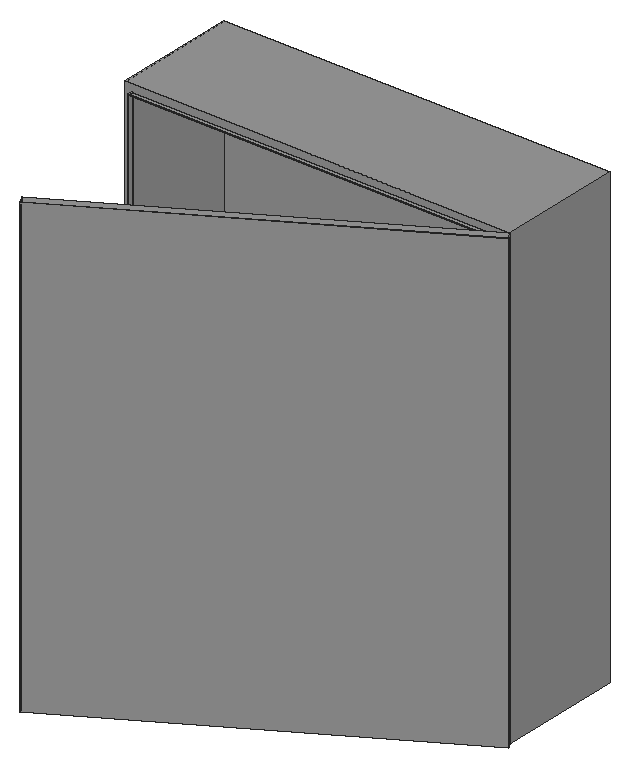
Revit family "Hager-Univers-IP55-D275-H950-Cl.II-Steel_encl-NoHosted-PL-en", category Equipement électrique, Revit 2020
Family settings
  Configuration du panneau = Deux colonnes, circuits au sein
  Cote de connecteur circulaire = Utiliser le diamètre
  Type d'élément = Tableau de raccordement
  Basée sur le plan de construction = Oui
  Toujours verticalement = Oui
  Couper avec des vides une fois chargée = Non
  Partagée = Non
  Point de calcul de pièce = Non
Parameters (values of type "Surface mounted (plaster) IP55 W800 H950 D275  - FR63S")
  Width Control [instance] = if([EF000008 - Width] > Min Width, [EF000008 - Width], Min Width)  # 800 mm
  Commentaires du type = [HG000003 - Range]  # "Univers"
  Thickness Door [instance] = if([EF009171 - Material plate thickness door/cover] > 3 mm, 3 mm, [EF009171 - Material plate thickness door/cover])  # 1.5 mm
  Seal Frame Offset [instance] = 17 mm  # constant formula
  Plinth Visibility [instance] = [HG000027 - Plinth height] > 0 mm  # no
  Min Width [instance] = 100 mm  # constant formula
  Min Depth [instance] = (2 * [EF009170 - Material plate thickness cabinet]) + 1 mm  # 4 mm
  Min Height [instance] = 100 mm  # constant formula
  Internal Frame Depth [instance] = (Door System Depth * 0.5)  # 9 mm
  Panel Name [instance] = ""  # (empty or 0)
  Model = ""
  HG000027 - Plinth height = 0 mm
  HG000026 - Floor standing = no
  HG000024 - Bottom section height = 600 mm
  HG000023 - Double section enclosure = no
  HG000016 - Door 3d visibility [instance] = yes
  HG000015 - Clearance visibility [instance] = no
  HG000014 - Door on the right [instance] = yes
  HG000013 - Door on the left [instance] = not([HG000014 - Door on the right])  # no
  HG000012 - Door swing angle [instance] = 30.00°
  HG000010 - Asymmetric doors = no
  HG000009 - Double swing door = no
  HG000006 - Flush mounted = no
  HG000004 - Manufacturer reference = "FR63S"
  HG000003 - Range = "Univers"
  HG000002 - With door or cover = yes
  Frame Offset Bottom [instance] = 10 mm  # constant formula
  Frame Offset [instance] = 15 mm  # constant formula
  EF015940 - Cover with overpressure release = no
  EF011959 - Degree of protection (NEMA) = ""
  EF009554 - Number of openings for flange plates = 6
  EF009212 - Cover model = "EV000116 - Closed"
  EF009171 - Material plate thickness door/cover = 1.5 mm
  EF009170 - Material plate thickness cabinet = 1.5 mm
  EF008873 - Nominal current (In) = 800 A
  EF007800 - Suitable for lightning protection = no
  EF006306 - With lock = no
  EF006244 - Transparent cover/door = no
  EF005474 - Degree of protection (IP) = "EV006420 - IP55"
  EF004464 - Type of door = "EV002646 - Single"
  EF004427 - Number of modules = 216
  EF004293 - Impact strength = "EV008784 - IK10"
  EF003532 - Suitable for outdoor use = no
  EF002950 - Width in number of modular spacings = 24
  EF001613 - Circuit integrity = "EV000494 - None"
  EF001596 - Material housing = "EV000179 - Steel"
  EF001131 - Internal depth = 275 mm
  EF001088 - Extension possible = yes
  EF000437 - Number of conduit inlets = 6
  EF000339 - Type of cover = "EV004216 - Door"
  EF000266 - Number of rows = 6
  EF000218 - Built-in depth = 0 mm
  EF000118 - With mounting plate = no
  EF000116 - RAL-number = "7035"
  EF000049 - Depth = 275 mm
  EF000040 - Height = 950 mm
  EF000008 - Width = 800 mm
  EF000007 - Colour = "EV000270 - Grey"
  EF000003 - Mounting method = "EV000384 - Surface mounted (plaster)"
  Door System Leaf Tolerance [instance] = 1.5 mm  # constant formula
  Door System Depth [instance] = 18 mm  # constant formula
  Door Height [instance] = Height Control - [HG000027 - Plinth height]  # 950 mm
  Description = ""
  Default Elevation = 1219.2 mm
  Connector Offset [instance] = Height Control / 2  # 475 mm
  Fabricant = "Hager"  # constant formula
  Height Control [instance] = if([EF000040 - Height] > Min Height, [EF000040 - Height], Min Height)  # 950 mm
  Depth Control [instance] = if([EF000049 - Depth] > Min Depth, [EF000049 - Depth], Min Depth)  # 275 mm
  Bottom Top Plate Trim [instance] = 1.5 mm  # constant formula
  Plinth height Ctrl [instance] = if([HG000027 - Plinth height] > 0 mm, [HG000027 - Plinth height], 12 mm)  # 12 mm
Types (5, lengths in mm): name | Width Control | HG000010 - Asymmetric doors | HG000009 - Double swing door | HG000004 - Manufacturer reference | EF009554 - Number of openings for flange plates | EF004464 - Type of door | EF004427 - Number of modules | EF000437 - Number of conduit inlets | EF000008 - Width
  Surface mounted (plaster) IP55 W1050 H950 D275  - FR64S | 1050 | no | yes | "FR64S" | 8 | "EV003602 - Double" | 288 | 8 | 1050
  Surface mounted (plaster) IP55 W1300 H950 D275  - FR65S | 1300 | yes | yes | "FR65S" | 10 | "EV003602 - Double" | 360 | 10 | 1300
  Surface mounted (plaster) IP55 W300 H950 D275  - FR61S | 300 | no | no | "FR61S" | 2 | "EV002646 - Single" | 72 | 2 | 300
  Surface mounted (plaster) IP55 W550 H950 D275  - FR62S | 550 | no | no | "FR62S" | 4 | "EV002646 - Single" | 144 | 4 | 550
  Surface mounted (plaster) IP55 W800 H950 D275  - FR63S | 800 | no | no | "FR63S" | 6 | "EV002646 - Single" | 216 | 6 | 800
Reference planes
  plane 1 "Center (Front/Back)": y = 0
  plane 2: z = 0
  plane 3 "Center (Left/Right)": x = 0
  plane 4: y = 0
  plane 5: y = 0
  plane 6: z = 0
  plane 7: x = -400
  plane 8: x = 400
  plane 9: x = 398.5
  plane 10: x = -398.5
  plane 11: z = 0
  plane 12: z = 1.5
  plane 13: y = -275
  plane 14: y = -1.5
  plane 15: x = 0
  plane 16: y = -257
  plane 17: y = -273.5
  plane 18: y = -255.5
  plane 19: x = -383.5
  plane 20: x = 383.5
  plane 21: z = 11.5
  plane 22: x = -383
  plane 23: x = 383
  plane 24: z = 0
  plane 25: z = 950
  plane 26: z = 950
  plane 27: z = 933.5
  plane 28: z = 948.5
Forms (mm)
  Extrusion 1, solid, material "Hager_Steel_RAL7035_Light_Grey", detail levels medium+fine
    sketch origin (-208.679, -4572, 0) x (-1, 0, 0) y (0, -1, 0)
      loop
        line (191.321, -4315) -> (-608.679, -4315) -> (-608.679, -4572) -> (191.321, -4572) -> (191.321, -4315)
    from 0 to 950
  Extrusion 2, void
    sketch origin (-350.771, -275, 1219.2) x (1, 0, 0) y (0, 0, 1)
      loop
        line (-47.729, -270.7) -> (-47.729, -1217.7) -> (749.271, -1217.7) -> (749.271, -270.7) -> (-47.729, -270.7)
    from -19.5 to -273.5
  Extrusion 3, void
    sketch origin (-290.084, -257, 1219.2) x (1, 0, 0) y (0, 0, 1)
      loop
        line (-93.416, -1207.7) -> (673.584, -1207.7) -> (673.584, -285.7) -> (-93.416, -285.7) -> (-93.416, -1207.7)
    from 0 to -1.5
  Extrusion 4, solid, material "Hager_Steel_RAL7035_Light_Grey", visible <- "Plinth Visibility", detail levels medium+fine
    sketch origin (0, 0, 0) x (1, 0, 0) y (0, 1, 0)
      loop
        line (-400, 0) -> (-400, -257) -> (400, -257) -> (400, 0) -> (-400, 0)
    from 0 to 12 <- "Plinth height Ctrl"
  Extrusion 5, solid, material "Hager_Steel_RAL7035_Light_Grey", detail levels coarse
    sketch origin (0, 0, 0) x (1, 0, 0) y (0, 1, 0)
      loop
        line (-400, 0) -> (-400, -275) -> (400, -275) -> (400, 0) -> (-400, 0)
    from 0 to 950 <- "Height Control"
  Sweep 6, void
    path in 3D
      loop
        line (-400, -257, 12) -> (400, -257, 12) -> (400, 0, 12) -> (-400, 0, 12) -> (-400, -257, 12)
    profile origin (-400, -128.5, 12) x (1, 0, 0) y (0, 0, 1)
      loop
        line (0, 0) -> (0, -1.5) -> (1.5, -1.5)
        arc (1.5, -1.5) -> (1.061, -0.439) -> (0, 0) r 1.5
  Extrusion 7, solid, material "Hager_Steel_RAL7035_Light_Grey", detail levels fine
    sketch origin (-400, -257, 0) x (1, 0, 0) y (0, 0, 1)
      loop
        line (16.5, 11.5) -> (783.5, 11.5) -> (783.5, 933.5) -> (16.5, 933.5) -> (16.5, 11.5)
      loop
        line (15, 10) -> (785, 10) -> (785, 935) -> (15, 935) -> (15, 10)
    from 0 to 9 <- "Internal Frame Depth"
Cuts and joins
  Extrusion 2, Extrusion 3 cuts Extrusion 1
  Sweep 6 cuts Extrusion 4
Lines and regions (mm)
  Masking region 1
    outline origin (0, 0, 0) x (1, 0, 0) y (0, 1, 0)
      loop
        line (-400, 0) -> (-400, -275) -> (400, -275) -> (400, 0) -> (-400, 0)
  Masking region 2, detail levels coarse
    outline origin (-290.084, -257, 1219.2) x (-1, 0, 0) y (0, 0, 1)
      loop
        line (-690.084, -1219.2) -> (109.916, -1219.2) -> (109.916, -269.2) -> (-690.084, -269.2) -> (-690.084, -1219.2)
  Masking region 3, detail levels coarse
    outline origin (0, 0, 0) x (0, 1, 0) y (0, 0, 1)
      loop
        line (0, 0) -> (0, 950) -> (-275, 950) -> (-275, 0) -> (0, 0)
  Masking region 4, visible <- "Plinth Visibility", detail levels medium+fine
    outline origin (0, 0, 0) x (0, 1, 0) y (0, 0, 1)
      loop
        line (-1.5, 12) -> (-255.5, 12)
        arc (-255.5, 12) -> (-255.939, 10.939) -> (-257, 10.5) r 1.5
        line (-257, 10.5) -> (-257, 0) -> (0, 0) -> (0, 10.5)
        arc (0, 10.5) -> (-1.061, 10.939) -> (-1.5, 12) r 1.5
  Masking region 5, detail levels medium+fine
    outline origin (0, 0, 594.038) x (0, 1, 0) y (0, 0, 1)
      loop
        line (0, -594.038) -> (0, 355.962) -> (-257, 355.962) -> (-257, -594.038) -> (0, -594.038)
  Masking region 6, detail levels medium+fine
    outline origin (-359.7, -257, 1211.883) x (-1, 0, 0) y (0, 0, 1)
      loop
        line (-759.7, -1211.883) -> (40.3, -1211.883) -> (40.3, -261.883) -> (-759.7, -261.883) -> (-759.7, -1211.883)
  Masking region 7, visible <- "Plinth Visibility", detail levels medium+fine
    outline origin (-320.334, -257, 1041.368) x (-1, 0, 0) y (0, 0, 1)
      loop
        line (-720.334, -1041.368) -> (79.666, -1041.368) -> (79.666, -1030.868)
        arc (79.666, -1030.868) -> (78.606, -1030.429) -> (78.166, -1029.368) r 1.5
        line (78.166, -1029.368) -> (-718.834, -1029.368)
        arc (-718.834, -1029.368) -> (-719.273, -1030.429) -> (-720.334, -1030.868) r 1.5
        line (-720.334, -1030.868) -> (-720.334, -1041.368)
  sketch lines
    curve 1: line (-400, 0, 12) -> (-400, -257, 12)
    curve 2: line (-400, -257, 12) -> (400, -257, 12)
    curve 3: line (400, 0, 12) -> (-400, 0, 12)
    curve 4: line (400, -257, 12) -> (400, 0, 12)
Dimensions and locks
  locked: plane 1 "Center (Front/Back)" to plane 5
  "EF009170 - Material plate thickness cabinet": plane 7 to plane 10
  "EF009170 - Material plate thickness cabinet": plane 8 to plane 9
  equal spacing: plane 7, plane 3 "Center (Left/Right)", plane 8
  "Width Control": plane 7 to plane 8
  "Depth Control": plane 4 to plane 13
  "EF009170 - Material plate thickness cabinet": plane 4 to plane 14
  "Height Control": plane 25 to level
  "HG000027 - Plinth height": plane 11 to level
  "EF009170 - Material plate thickness cabinet": plane 12 to plane 11
  "EF009170 - Material plate thickness cabinet": plane 17 to plane 13
  "EF009170 - Material plate thickness cabinet": plane 18 to plane 16
  "Frame Offset Bottom": plane 21 to plane 12
  "Frame Offset": plane 10 to plane 19
  "Frame Offset": plane 9 to plane 20
  "Door System Depth": plane 16 to plane 13
  "Seal Frame Offset": plane 7 to plane 22
  "Seal Frame Offset": plane 8 to plane 23
  "EF009170 - Material plate thickness cabinet": plane 26 to plane 28
  "Frame Offset": plane 28 to plane 27
  "Connector Offset": plane 2 to connector elem
  "Bottom Top Plate Trim": profile plane to Sweep 6 sketch curve
  "Bottom Top Plate Trim": Sweep 6 sketch curve to Sweep 6 sketch curve
  "Plinth height Ctrl": Masking region 4 sketch curve to level
  "Plinth height Ctrl": Masking region 7 sketch curve to level
  "Thickness Door": Extrusion 7 sketch curve to Extrusion 7 sketch curve  (x4)
  "Bottom Top Plate Trim": radius of Sweep 6 sketch curve
  "Bottom Top Plate Trim": radius of Masking region 4 sketch curve  (x2)
  "Bottom Top Plate Trim": radius of Masking region 7 sketch curve  (x2)
  aligned and locked: Extrusion 2 sketch curve to plane 12
  aligned and locked: Extrusion 2 sketch curve to plane 9
  aligned and locked: Extrusion 2 sketch curve to plane 10
  aligned and locked: Extrusion 2 to plane 14
  aligned and locked: Extrusion 1 sketch curve to plane 4
  aligned and locked: plane 8 to Extrusion 1 sketch curve
  aligned and locked: plane 7 to Extrusion 1 sketch curve
  aligned and locked: Extrusion 2 to plane 18
  aligned and locked: Extrusion 3 sketch curve to plane 19
  aligned and locked: plane 20 to Extrusion 3 sketch curve
  aligned and locked: Extrusion 3 to Extrusion 2
  aligned and locked: Extrusion 3 sketch curve to plane 21
  aligned and locked: plane 3 "Center (Left/Right)" to nested 1
  aligned and locked: Extrusion 1 sketch curve to plane 16
  aligned and locked: Extrusion 4 sketch curve to cut or joined group of Extrusion 1, Extrusion 2, Extrusion 3
  aligned and locked: Masking region 1 sketch curve to plane 7
  aligned and locked: Masking region 1 sketch curve to plane 5
  aligned and locked: Masking region 1 sketch curve to plane 8
  aligned and locked: Masking region 2 sketch curve to level
  aligned and locked: level to Masking region 3 sketch curve
  aligned and locked: plane 1 "Center (Front/Back)" to Masking region 3 sketch curve
  aligned and locked: plane 13 to Masking region 3 sketch curve
  aligned and locked: plane 5 to Masking region 4 sketch curve
  aligned and locked: Masking region 2 sketch curve to plane 8
  aligned and locked: Masking region 2 sketch curve to plane 7
  aligned and locked: plane 7 to nested 2
  aligned and locked: nested 2 to plane 5
  aligned and locked: plane 5 to Masking region 5 sketch curve
  aligned and locked: plane 26 to Masking region 5 sketch curve
  aligned and locked: Extrusion 5 sketch curve to plane 8
  aligned and locked: Extrusion 5 sketch curve to plane 7
  aligned and locked: Extrusion 5 sketch curve to plane 5
  aligned and locked: Extrusion 3 sketch curve to plane 27
  aligned and locked: Extrusion 2 sketch curve to plane 28
  aligned and locked: Masking region 2 to plane 25
  aligned and locked: Extrusion 4 to plane 16
  aligned and locked: profile plane to Sweep 6 sketch curve
  aligned and locked: Masking region 5 sketch curve to plane 24
  aligned and locked: level to Masking region 4 sketch curve
  aligned and locked: Masking region 1 to plane 13
  aligned and locked: nested 1 to plane 16
  aligned and locked: Masking region 3 to plane 25
  aligned and locked: plane 16 to Masking region 4 sketch curve
  aligned and locked: Masking region 5 sketch curve to plane 16
  aligned and locked: plane 24 to plane 11
  aligned and locked: plane 26 to plane 25
  aligned and locked: plane 26 to cut or joined group of Extrusion 1, Extrusion 2, Extrusion 3
  aligned and locked: nested 1 to plane 24
  aligned and locked: Extrusion 1 to Extrusion 3
  aligned and locked: Masking region 6 sketch curve to plane 8
  aligned and locked: Masking region 6 sketch curve to plane 24
  aligned and locked: Masking region 6 sketch curve to plane 7
  aligned and locked: Masking region 6 sketch curve to plane 26
  aligned and locked: Masking region 7 sketch curve to plane 7
  aligned and locked: level to Masking region 7 sketch curve
  aligned and locked: Masking region 7 sketch curve to plane 8
  aligned and locked: Extrusion 7 sketch curve to cut or joined group of Extrusion 1, Extrusion 2, Extrusion 3  (x4)
Automatic sketch dimensions
  plane 19 to Extrusion 3 sketch curve = 0 mm
  Extrusion 3 sketch curve to plane 20 = 0 mm
  Extrusion 3 sketch curve to plane 21 = 0 mm
  Extrusion 4 sketch curve to plane 7 = 0 mm
  Extrusion 4 sketch curve to plane 8 = 0 mm
  Extrusion 4 sketch curve to plane 16 = 0 mm
  Masking region 1 sketch curve to plane 13 = 0 mm
  Masking region 2 sketch curve to plane 25 = 0 mm
  Masking region 3 sketch curve to plane 25 = 0 mm
  Extrusion 5 sketch curve to plane 13 = 0 mm
  profile plane to Sweep 6 sketch curve = 0 mm
Nested families
  nested 1: "EC000058_Univers_Door" at (0, -257, 0), Double <- "HG000009 - Double swing door", Transparent <- "EF006244 - Transparent cover/door", Angle <- "HG000012 - Door swing angle", Door_Right <- "HG000014 - Door on the right", Assymetrical <- "HG000010 - Asymmetric doors", Door <- "HG000002 - With door or cover", Width_Ctrl <- "Width Control", 3d_Door <- "HG000016 - Door 3d visibility", Clearance <- "HG000015 - Clearance visibility", Door_Left <- "HG000013 - Door on the left", Width <- "Width Control", Door_Depth <- "Door System Depth", Leaf_Tolerance <- "Door System Leaf Tolerance", Height <- "Door Height", Lock_Visibility <- "EF006306 - With lock", Thickness <- "Thickness Door", type "EC000058_Univers_Door", detail levels medium+fine
    with min_wh 4 mm, Width_Ctrl 800 mm, Width 800 mm, Transparent no, Thickness 1.5 mm, Seal_Material Hager_Rubber, Lock_Visibility no, Lock_Material Hager_Plastic_RAL9005_Jet_Black, Leaf_Width 800 mm, Leaf_Tolerance_External_Sides 0 mm, Leaf_Tolerance 1.5 mm, Leaf_Offset 0 mm, Leaf_Height 947 mm, Leaf_2_Width 800 mm, Leaf_2_Offset 400 mm, Leaf_1_Width 800 mm, Leaf_1_Offset 400 mm, Height_Ctrl 950 mm, Height 950 mm, Glass_Material Hager_Glass, Double_Clearance_Ctrl no, Double no, Door_Right_Ctrl yes, Door_Right yes, Door_Material Hager_Steel_RAL7035_Light_Grey, Door_Left_Ctrl no, Door_Left no, Door_Depth 18 mm, Door yes, Clearance_Material Hager_Clearance, Clearance_Depth 800 mm, Clearance_Ctrl no, Clearance no, Assymetrical no, Angle 30.00°, 3d_Door yes
  nested 2: "Hager_Enclosure_Symbol" at (-400, 0, 0), Height <- "Depth Control", Width <- "Width Control", type "Hager_Enclosure_Symbol"
    with Width_Ctrl 800 mm, Width 800 mm, Height_Ctrl 275 mm, Height 275 mm, A_Width_Int 18.047 mm, A_Width 216.562 mm, A_Height_Ctrl 240.625 mm, A_Height 240.625 mm
Connectors
  electrical at (0, 0, 475)
    settings: on plane 1 "Center (Front/Back)", index 1, voltage 0 V, apparent load 0 VA, apparent load phase1 0 VA, apparent load phase2 0 VA, apparent load phase3 0 VA, power factor 1, load classification "Other", number of poles 1, system type 30, power factor state 1, is connector primary yes, connector utility no, sub classification motor no, connector description ""
Definition of nested family "EC000058_Univers_Door"
  Parameters (values of type "EC000058_Univers_Door")
    min_wh [instance] = (2 * Thickness) + 1 mm  # 11 mm
    Width_Ctrl [instance] = 400 mm
    Width [instance] = 500 mm
    Transparent [instance] = yes
    Thickness [instance] = 5 mm
    Seal_Material [instance] = none
    Lock_Visibility [instance] = yes
    Lock_Material [instance] = none
    Leaf_Width [instance] = if((Width_Ctrl - 2 * Leaf_Tolerance_External_Sides) > 0 mm, (Width_Ctrl - 2 * Leaf_Tolerance_External_Sides), min_wh)  # 400 mm
    Leaf_Tolerance_External_Sides [instance] = 0 mm  # constant formula
    Leaf_Tolerance [instance] = 1.5 mm
    Leaf_Offset [instance] = 0 mm  # constant formula
    Leaf_Height [instance] = if((Height_Ctrl - 2 * Leaf_Tolerance) > 0 mm, (Height_Ctrl - 2 * Leaf_Tolerance), min_wh)  # 497 mm
    Leaf_2_Width [instance] = if(and(and(Double, Assymetrical), Door_Left), (Leaf_Width / 3) - (Leaf_Tolerance / 2), if(and(and(Double, Assymetrical), Door_Right), (Leaf_Width / 3) * 2 - (Leaf_Tolerance / 2), if(and(Double, not(Assymetrical)), (Leaf_Width / 2) - Leaf_Tolerance, Leaf_Width)))  # 400 mm
    Leaf_2_Offset [instance] = if(and(Double, Assymetrical), Leaf_2_Width / 2, if(and(Double, not(Assymetrical)), Leaf_Width / 4, Leaf_Width / 2))  # 200 mm
    Leaf_1_Width [instance] = if(and(and(Double, Assymetrical), Door_Right), (Leaf_Width / 3) - (Leaf_Tolerance / 2), if(and(and(Double, Assymetrical), Door_Left), (Width / 3) * 2 - (Leaf_Tolerance / 2), if(and(Double, not(Assymetrical)), (Leaf_Width / 2) - Leaf_Tolerance, Leaf_Width)))  # 400 mm
    Leaf_1_Offset [instance] = if(and(Double, Assymetrical), Leaf_1_Width / 2, if(and(Double, not(Assymetrical)), Leaf_Width / 4, Leaf_Width / 2))  # 200 mm
    Height_Ctrl [instance] = if(Height > min_wh, Height, min_wh)  # 500 mm
    Height [instance] = 500 mm
    Glass_Material [instance] = none
    Double_Clearance_Ctrl [instance] = and(Double, Clearance)  # no
    Double [instance] = no
    Door_Right_Ctrl [instance] = and(or(Door_Right, Double), Door)  # yes
    Door_Right [instance] = yes
    Door_Material [instance] = none
    Door_Left_Ctrl [instance] = and(or(Door_Left, Double), Door)  # no
    Door_Left [instance] = no
    Door_Depth [instance] = 30 mm
    Door [instance] = yes
    Default Elevation = 1219.2 mm
    Clearance_Material [instance] = none
    Clearance_Depth [instance] = if(Leaf_1_Width > Leaf_2_Width, Leaf_1_Width, Leaf_2_Width)  # 400 mm
    Clearance_Ctrl [instance] = and(not(Double), Clearance)  # yes
    Clearance [instance] = yes
    Assymetrical [instance] = yes
    Angle [instance] = 30.00°
    3d_Door [instance] = yes
  Reference planes
    plane 1 "Center (Front/Back)": y = 0
    plane 2 "Bottom": z = 0
    plane 3 "Center (Left/Right)": x = 0
    plane 4: z = 500
    plane 5: x = -200
    plane 6: x = 200
    plane 7: z = 500
    plane 8: x = -200
    plane 9: z = 0
    plane 10: x = 200
    plane 11: y = 0
    plane 12: z = 1.5
    plane 13: x = -600
    plane 14: y = -400
    plane 15: x = 600
    plane 16: x = 0
    plane 17: x = 0
    plane 18: x = -200
    plane 19: x = 200
    plane 20: z = 498.5
  Forms (mm)
    Extrusion 1, solid, material <- "Clearance_Material", visible <- "Double_Clearance_Ctrl"
      sketch origin (1200, 0, 0) x (1, 0, 0) y (0, 0, -1)
        loop
          line (-1800, -498.5) -> (-600, -498.5) -> (-600, 0) -> (-1800, 0) -> (-1800, -498.5)
      from 0 to -400
  Dimensions and locks
    equal spacing: plane 5, plane 3 "Center (Left/Right)", plane 6
    "Width_Ctrl": plane 5 to plane 6
    "Leaf_Offset": plane 5 to plane 8
    "Leaf_Offset": plane 6 to plane 10
    "Leaf_Offset": plane 9 to level
    "Leaf_Offset": plane 4 to plane 7
    "Height_Ctrl": plane 4 to level
    "Leaf_Tolerance": plane 12 to plane 9
    locked: plane 11 to plane 1 "Center (Front/Back)"
    "Leaf_1_Offset": plane 18 to plane 16
    "Leaf_2_Offset": plane 17 to plane 19
    "Leaf_1_Width": plane 13 to plane 8
    "Leaf_2_Width": plane 10 to plane 15
    "Clearance_Depth": plane 14 to plane 1 "Center (Front/Back)"
    "Leaf_Tolerance_External_Sides": plane 8 to plane 18
    "Leaf_Tolerance_External_Sides": plane 19 to plane 10
    "Leaf_Tolerance": plane 7 to plane 20
    aligned and locked: level to plane 2 "Bottom"
    aligned and locked: nested 1 to plane 16
    aligned and locked: nested 2 to plane 17
    aligned and locked: Extrusion 1 to plane 13
    aligned and locked: plane 15 to Extrusion 1
    aligned and locked: Extrusion 1 to plane 14
    aligned and locked: plane 12 to nested 1
    aligned and locked: nested 2 to plane 12
    aligned and locked: Extrusion 1 to plane 11
    aligned and locked: plane 20 to Extrusion 1
    aligned and locked: nested 2 to plane 11
    aligned and locked: nested 1 to plane 11
  Automatic sketch dimensions
    Extrusion 1 sketch curve to level = 0 mm
    plane 5 to Extrusion 1 sketch curve = 400 mm
    plane 6 to Extrusion 1 sketch curve = 400 mm
    Extrusion 1 sketch curve to plane 4 = 1.5 mm
  Nested families
    nested 1: "EC000058_Univers_Door_Leaf" at (0, 0, 1.5), Width <- "Leaf_1_Width", visible <- "Door_Left_Ctrl", Leaf_Height <- "Leaf_Height", Angle <- "Angle", 3d_Door <- "3d_Door", Transparent <- "Transparent", Clearance Material <- "Clearance_Material", Clearance <- "Clearance_Ctrl", Door_Material <- "Door_Material", Glass_Material <- "Glass_Material", Door_Depth <- "Door_Depth", Lock_Material <- "Lock_Material", Seal_Material <- "Seal_Material", Lock_Visibility <- "Lock_Visibility", Thickness <- "Thickness", type "EC000058_Univers_Door_Leaf"
      with Width 400 mm, Transparent_Glass_Offset 30 mm, Transparent_Ctrl yes, Transparent yes, Thickness 5 mm, Standard no, Seal_Material none, Seal_D2 8 mm, Seal_D1 1 mm, Offset_Internal_Frame 10 mm, Lock_Width 20 mm, Lock_Visibility_3d yes, Lock_Visibility yes, Lock_Thickness_3 3 mm, Lock_Thickness_2 1 mm, Lock_Thickness_1 3 mm, Lock_Radius_Offset_2 16 mm, Lock_Radius_Offset_1 15 mm, Lock_Radius_2 5 mm, Lock_Radius 6 mm, Lock_Offset 5 mm, Lock_Material none, Lock_Height 80 mm, Lock_Cover_Top_Offset_2d 17 mm, Lock_Cover_Height -65 mm, Leaf_Height 497 mm, Internal_Seal_Thickness 8 mm, Internal_Seal_Depth_2 4.5 mm, Internal_Frame_Depth 25 mm, Glass_Thickness -1 mm, Glass_Offset -2 mm, Glass_Material none, Door_Material none, Door_Depth 30 mm, Clearance Material none, Clearance yes, Angle_Ctrl 30.00°, Angle 30.00°, 3d_Door yes
    nested 2: "EC000058_Univers_Door_Leaf" at (0, 0, 1.5) x (-1, 0, 0) z (0, 0, 1), Width <- "Leaf_2_Width", visible <- "Door_Right_Ctrl", Leaf_Height <- "Leaf_Height", Angle <- "Angle", 3d_Door <- "3d_Door", Transparent <- "Transparent", Clearance Material <- "Clearance_Material", Clearance <- "Clearance_Ctrl", Door_Material <- "Door_Material", Glass_Material <- "Glass_Material", Door_Depth <- "Door_Depth", Lock_Material <- "Lock_Material", Seal_Material <- "Seal_Material", Lock_Visibility <- "Lock_Visibility", Thickness <- "Thickness", type "EC000058_Univers_Door_Leaf"
      with Width 400 mm, Transparent_Glass_Offset 30 mm, Transparent_Ctrl yes, Transparent yes, Thickness 5 mm, Standard no, Seal_Material none, Seal_D2 8 mm, Seal_D1 1 mm, Offset_Internal_Frame 10 mm, Lock_Width 20 mm, Lock_Visibility_3d yes, Lock_Visibility yes, Lock_Thickness_3 3 mm, Lock_Thickness_2 1 mm, Lock_Thickness_1 3 mm, Lock_Radius_Offset_2 16 mm, Lock_Radius_Offset_1 15 mm, Lock_Radius_2 5 mm, Lock_Radius 6 mm, Lock_Offset 5 mm, Lock_Material none, Lock_Height 80 mm, Lock_Cover_Top_Offset_2d 17 mm, Lock_Cover_Height -65 mm, Leaf_Height 497 mm, Internal_Seal_Thickness 8 mm, Internal_Seal_Depth_2 4.5 mm, Internal_Frame_Depth 25 mm, Glass_Thickness -1 mm, Glass_Offset -2 mm, Glass_Material none, Door_Material none, Door_Depth 30 mm, Clearance Material none, Clearance yes, Angle_Ctrl 30.00°, Angle 30.00°, 3d_Door yes
  Definition of nested family "EC000058_Univers_Door_Leaf"
    Parameters (values of type "EC000058_Univers_Door_Leaf")
      Width [instance] = 2000 mm
      Transparent_Glass_Offset [instance] = 30 mm
      Transparent_Ctrl [instance] = and(Transparent, [3d_Door])  # yes
      Transparent [instance] = yes
      Thickness [instance] = 5 mm
      Standard [instance] = and(not(Transparent), [3d_Door])  # no
      Seal_Material [instance] = none
      Seal_D2 [instance] = 8 mm  # constant formula
      Seal_D1 [instance] = 1 mm  # constant formula
      Offset_Internal_Frame [instance] = 10 mm  # constant formula
      Lock_Width [instance] = 20 mm  # constant formula
      Lock_Visibility_3d [instance] = and(Lock_Visibility, [3d_Door])  # yes
      Lock_Visibility [instance] = yes
      Lock_Thickness_3 [instance] = 3 mm  # constant formula
      Lock_Thickness_2 [instance] = 1 mm  # constant formula
      Lock_Thickness_1 [instance] = 3 mm  # constant formula
      Lock_Radius_Offset_2 [instance] = Lock_Radius_Offset_1 + 1 mm  # 16 mm
      Lock_Radius_Offset_1 [instance] = 15 mm  # constant formula
      Lock_Radius_2 [instance] = Lock_Radius - 1 mm  # 5 mm
      Lock_Radius [instance] = 6 mm  # constant formula
      Lock_Offset [instance] = 5 mm  # constant formula
      Lock_Material [instance] = none
      Lock_Height [instance] = 80 mm  # constant formula
      Lock_Cover_Top_Offset_2d [instance] = Lock_Radius_Offset_2 + 1 mm  # 17 mm
      Lock_Cover_Height [instance] = -(Lock_Height - Lock_Radius_Offset_1)  # -65 mm
      Leaf_Height [instance] = 2720.336 mm
      Internal_Seal_Thickness [instance] = 8 mm  # constant formula
      Internal_Seal_Depth_2 [instance] = 4.5 mm  # constant formula
      Internal_Frame_Depth [instance] = if(Door_Depth - Thickness > 5 mm, Door_Depth - Thickness, 5 mm)  # 25 mm
      Glass_Thickness [instance] = if(Thickness > 15 mm, Glass_Offset + 10 mm, -1 mm)  # -1 mm
      Glass_Offset [instance] = if(Thickness > 15 mm, -(Thickness + 10 mm) / 2, -2 mm)  # -2 mm
      Glass_Material [instance] = none
      Door_Material [instance] = none
      Door_Depth [instance] = 30 mm
      Default Elevation = 0 mm
      Clearance Material [instance] = none
      Clearance [instance] = yes
      Angle_Ctrl [instance] = if(Angle > 180.00°, 180.00°, Angle)  # 90.00°
      Angle [instance] = 90.00°
      3d_Door [instance] = yes
    Reference planes
      plane 1 "Center (Front/Back)": y = 0
      plane 2: z = 0
      plane 3 "Center (Left/Right)": x = 0
      plane 4: y = 2000
      plane 5: x = -1000
      plane 6: x = 1000
      plane 7: x = -3000
      plane 8: z = 2720.336
      plane 9: z = 30
      plane 10: z = 2690.336
      plane 11: x = 970
      plane 12: x = -970
      plane 13: y = -3
      plane 14: z = 107.833
      plane 15: y = -5
      plane 16: y = -223.314
      plane 17: x = -1000
      plane 18: z = 1360.168
      plane 19: y = 30
    Forms (mm)
      Extrusion 1, solid, material <- "Clearance Material", visible <- "Clearance"
        sketch origin (0, 0, 0) x (1, 0, 0) y (0, 0, 1)
          loop
            line (-3000, 2720.336) -> (-3000, 0) -> (1000, 0) -> (1000, 2720.336) -> (-3000, 2720.336)
        from 0 to -2000
      Extrusion 2, solid, material <- "Door_Material", visible <- "Standard", detail levels medium+fine
        sketch origin (-1000, 0, 0) x (0, 1, 0) y (-1, 0, 0)
          loop
            line (0, 30) -> (0, 25) -> (2000, 25) -> (2000, 30) -> (0, 30)
        from 0 to 2720.336 <- "Leaf_Height"
      Extrusion 3, solid, material <- "Door_Material", visible <- "Transparent_Ctrl", detail levels medium+fine
        sketch origin (-1000, 0, 0) x (0, 1, 0) y (-1, 0, 0)
          loop
            line (0, 25) -> (2000, 25) -> (2000, 30) -> (0, 30) -> (0, 25)
        from 0 to 2720.336 <- "Leaf_Height"
      Extrusion 4, void
        sketch origin (-1025, 2000, 0) x (0, 1, 0) y (0, 0, -1)
          loop
            line (-30, -2690.336) -> (-30, -30) -> (-1970, -30) -> (-1970, -2690.336) -> (-30, -2690.336)
        from 0 to 5 <- "Thickness"
      Sweep 5, solid, material <- "Seal_Material", visible <- "Transparent_Ctrl", detail levels fine
        path in 3D
          loop
            line (-1025, 30, 30) -> (-1025, 30, 2690.336) -> (-1025, 1970, 2690.336) -> (-1025, 1970, 30) -> (-1025, 30, 30)
        profile origin (-1025, 1000, 30) x (1, 0, 0) y (0, 0, 1)
          loop
            line (0, 0) -> (0, -8) -> (1, -8) -> (1, 0) -> (0, 0)
      Extrusion 6, solid, material <- "Glass_Material", visible <- "Transparent_Ctrl", detail levels medium+fine
        sketch origin (-1030, 0, 0) x (0, 1, 0) y (0, 0, -1)
          loop
            line (1970, -2690.336) -> (1970, -30) -> (30, -30) -> (30, -2690.336) -> (1970, -2690.336)
        from -2 <- "Glass_Offset" to -1 <- "Glass_Thickness"
      Extrusion 7, solid, material <- "Door_Material", visible <- "3d_Door", detail levels medium+fine
        sketch origin (-1025, 2000, 0) x (0, -1, 0) y (0, 0, -1)
          loop
            line (0, -2720.336) -> (2000, -2720.336) -> (2000, 0) -> (0, 0) -> (0, -2720.336)
          loop
            line (1995, -5) -> (5, -5) -> (5, -2715.336) -> (1995, -2715.336) -> (1995, -5)
        from 0 to 25 <- "Internal_Frame_Depth"
      Sweep 8, solid, material <- "Seal_Material", visible <- "Transparent_Ctrl", detail levels fine
        path in 3D
          loop
            line (-1025, 0, 0) -> (-1025, 2000, 0) -> (-1025, 2000, 2720.336) -> (-1025, 0, 2720.336) -> (-1025, 0, 0)
        profile origin (-1025, 0, 1360.168) x (1, 0, 0) y (0, 1, 0)
          loop
            line (0, 10) -> (2.975, 10)
            arc (2.975, 10) -> (4.053, 10.447) -> (4.5, 11.525) r 1.525
            line (4.5, 11.525) -> (4.5, 16.527)
            arc (4.5, 16.527) -> (4.069, 17.569) -> (3.027, 18) r 1.473
            line (3.027, 18) -> (0, 18) -> (0, 10)
      Extrusion 9, solid, material <- "Lock_Material", visible <- "Lock_Visibility_3d", detail levels fine
        sketch origin (-1030, 0, 0) x (0, 1, 0) y (0, 0, -1)
          loop
            arc (1993.5, -1400.168) -> (1994.561, -1399.729) -> (1995, -1398.668) r 1.5
            line (1995, -1398.668) -> (1995, -1320.168) -> (1975, -1320.168) -> (1975, -1398.668)
            arc (1975, -1398.668) -> (1975.439, -1399.729) -> (1976.5, -1400.168) r 1.5
            line (1976.5, -1400.168) -> (1993.5, -1400.168)
        from 3 <- "Lock_Thickness_1" to 0
      Blend 10, solid, material <- "Lock_Material", visible <- "Lock_Visibility_3d", detail levels fine
        base sketch origin (-1033, 0, 0) x (0, 1, 0) y (0, 0, -1)
          loop
            line (1975, -1320.168) -> (1975, -1398.668)
            arc (1975, -1398.668) -> (1975.439, -1399.729) -> (1976.5, -1400.168) r 1.5
            line (1976.5, -1400.168) -> (1993.5, -1400.168)
            arc (1993.5, -1400.168) -> (1994.561, -1399.729) -> (1995, -1398.668) r 1.5
            line (1995, -1398.668) -> (1995, -1320.168) -> (1975, -1320.168)
        top sketch origin (-1033, 0, 0) x (0, 1, 0) y (0, 0, -1)
          loop
            line (1976, -1320.168) -> (1976, -1398.668)
            arc (1976, -1398.668) -> (1976.146, -1399.022) -> (1976.5, -1399.168) r 0.5
            line (1976.5, -1399.168) -> (1993.5, -1399.168)
            arc (1993.5, -1399.168) -> (1993.854, -1399.022) -> (1994, -1398.668) r 0.5
            line (1994, -1398.668) -> (1994, -1320.168) -> (1976, -1320.168)
        from 0 to 1 <- "Lock_Thickness_2"
      Blend 11, solid, material <- "Lock_Material", visible <- "Lock_Visibility_3d", detail levels fine
        base sketch origin (-1034, 0, 0) x (0, 1, 0) y (0, 0, -1)
          loop
            line (1978, -1320.168) -> (1978, -1384.168)
            arc (1978, -1384.168) -> (1985, -1391.168) -> (1992, -1384.168) r 7
            line (1992, -1384.168) -> (1992, -1320.168) -> (1978, -1320.168)
        top sketch origin (-1034, 0, 0) x (0, 1, 0) y (0, 0, -1)
          loop
            line (1991, -1320.168) -> (1979, -1320.168) -> (1979, -1383.168)
            arc (1979, -1383.168) -> (1985, -1389.168) -> (1991, -1383.168) r 6
            line (1991, -1383.168) -> (1991, -1320.168)
        from 0 to 3 <- "Lock_Thickness_3"
      Extrusion 12, solid, material <- "Lock_Material", visible <- "Lock_Visibility_3d", detail levels fine
        sketch origin (-1030, 1975, 1320.168) x (1, 0, 0) y (0, -1, 0)
          loop
            line (-7, -19) -> (-7, -1) -> (0, -1) -> (0, 0) -> (-8, 0) -> (-8, -20) -> (0, -20) -> (0, -19) -> (-7, -19)
        from 0 to -65 <- "Lock_Cover_Height"
      Extrusion 13, void
        sketch origin (-1038, 1995, 1320.168) x (-1, 0, 0) y (0, 0, -1)
          loop
            line (-5, -65) -> (0, -65) -> (-5, -60) -> (-5, -65)
        from 0 to 20 <- "Lock_Width"
      Extrusion 14, void
        sketch origin (-1038, 1975, 1320.168) x (0, -1, 0) y (0, 0, -1)
          loop
            circle (-10, -15.995) r 6
          loop
            circle (-10, -15.995) r 5
        from 0 to 2
      Extrusion 15, solid, material <- "Lock_Material", visible <- "Lock_Visibility_3d", detail levels medium
        sketch origin (-1030, 0, 0) x (0, 1, 0) y (0, 0, -1)
          loop
            arc (1993.5, -1400.168) -> (1994.561, -1399.729) -> (1995, -1398.668) r 1.5
            line (1995, -1398.668) -> (1995, -1320.168) -> (1975, -1320.168) -> (1975, -1398.668)
            arc (1975, -1398.668) -> (1975.439, -1399.729) -> (1976.5, -1400.168) r 1.5
            line (1976.5, -1400.168) -> (1993.5, -1400.168)
        from 8 to 0
    Cuts and joins
      Extrusion 4 cuts Extrusion 3
      Extrusion 13, Extrusion 14 cuts Extrusion 9
      Extrusion 14 cuts Blend 11
      Extrusion 13, Extrusion 14 cuts Extrusion 12
      joined: Extrusion 9, Blend 10, Blend 11, Extrusion 12
      Extrusion 14 cuts Extrusion 15
    Lines and regions (mm)
      Masking region 1, visible <- "Lock_Visibility", detail levels fine
        outline origin (0, 0, 0) x (0, 1, 0) y (0, 0, 1)
          loop
            line (30, 1320.168) -> (33, 1320.168) -> (33, 1400.168) -> (30, 1400.168) -> (30, 1320.168)
      Masking region 2, visible <- "Lock_Visibility", detail levels fine
        outline origin (0, 3.143, 0) x (0, 1, 0) y (0, 0, 1)
          loop
            line (29.857, 1354.168) -> (30.857, 1354.168) -> (30.857, 1366.168) -> (29.857, 1366.168) -> (29.857, 1354.168)
      Masking region 3, detail levels medium+fine
        outline origin (0, 0, 0) x (0, 1, 0) y (0, 0, 1)
          loop
            line (0, 0) -> (30, 0) -> (30, 2720.336) -> (0, 2720.336) -> (0, 0)
      Masking region 4, detail levels medium+fine
        outline origin (0, 0, 0) x (1, 0, 0) y (0, 0, 1)
          loop
            line (-1000, 2720.336) -> (-1000, 0) -> (1000, 0) -> (1000, 2720.336) -> (-1000, 2720.336)
      Masking region 5, visible <- "Lock_Visibility", detail levels fine
        outline origin (-47.116, 0, 0) x (1, 0, 0) y (0, 0, 1)
          loop
            arc (1024.616, 1399.168) -> (1023.556, 1398.729) -> (1023.116, 1397.668) r 1.5
            line (1023.116, 1397.668) -> (1023.116, 1320.168) -> (1041.116, 1320.168) -> (1041.116, 1397.668)
            arc (1041.116, 1397.668) -> (1040.677, 1398.729) -> (1039.616, 1399.168) r 1.5
            line (1039.616, 1399.168) -> (1024.616, 1399.168)
      Masking region 6, visible <- "Lock_Visibility", detail levels medium+fine
        outline origin (-25, 0, 0) x (1, 0, 0) y (0, 0, 1)
          loop
            arc (1001.5, 1400.168) -> (1000.439, 1399.729) -> (1000, 1398.668) r 1.5
            line (1000, 1398.668) -> (1000, 1320.168) -> (1020, 1320.168) -> (1020, 1398.668)
            arc (1020, 1398.668) -> (1019.561, 1399.729) -> (1018.5, 1400.168) r 1.5
            line (1018.5, 1400.168) -> (1001.5, 1400.168)
      Masking region 7, visible <- "Lock_Visibility", detail levels fine
        outline origin (-73.735, 0, 0) x (1, 0, 0) y (0, 0, 1)
          loop
            line (1051.735, 1382.168) -> (1065.735, 1382.168) -> (1065.735, 1384.168)
            arc (1065.735, 1384.168) -> (1058.735, 1391.168) -> (1051.735, 1384.168) r 7
            line (1051.735, 1384.168) -> (1051.735, 1382.168)
      Masking region 8, visible <- "Lock_Visibility", detail levels fine
        outline origin (-73.735, 0, 0) x (1, 0, 0) y (0, 0, 1)
          loop
            line (1052.735, 1382.168) -> (1064.735, 1382.168) -> (1064.735, 1383.168)
            arc (1064.735, 1383.168) -> (1058.735, 1389.168) -> (1052.735, 1383.168) r 6
            line (1052.735, 1383.168) -> (1052.735, 1382.168)
      Masking region 9, visible <- "Lock_Visibility", detail levels fine
        outline origin (-25, 0, 0) x (1, 0, 0) y (0, 0, 1)
          loop
            line (1020, 1320.168) -> (1020, 1382.168) -> (1000, 1382.168) -> (1000, 1320.168) -> (1020, 1320.168)
      Masking region 10, detail levels medium+fine
        outline origin (0, 0, 0) x (1, 0, 0) y (0, 0, 1)
          loop
            circle (985, 1335.144) r 6
      Masking region 11, detail levels fine
        outline origin (0, 0, 0) x (1, 0, 0) y (0, 0, 1)
          loop
            circle (985, 1335.144) r 5
      Masking region 12, visible <- "Lock_Visibility", detail levels fine
        outline origin (0, 12.767, 0) x (0, 1, 0) y (0, 0, 1)
          loop
            line (20.233, 1320.168) -> (21.233, 1320.168) -> (21.233, 1399.168) -> (20.233, 1400.168) -> (20.233, 1320.168)
      Masking region 13, visible <- "Lock_Visibility", detail levels fine
        outline origin (0, 13.767, -10) x (0, 1, 0) y (0, 0, 1)
          loop
            line (20.233, 1330.168) -> (23.233, 1330.168) -> (23.233, 1399.168) -> (20.233, 1402.168) -> (20.233, 1330.168)
      Masking region 14, visible <- "Lock_Visibility", detail levels fine
        outline origin (0, 12.767, -10) x (0, 1, 0) y (0, 0, 1)
          loop
            line (20.233, 1330.168) -> (25.233, 1330.168) -> (25.233, 1399.305) -> (20.233, 1394.305) -> (20.233, 1330.168)
      Masking region 15, visible <- "Lock_Visibility", detail levels medium
        outline origin (0, 0, 0) x (0, 1, 0) y (0, 0, 1)
          loop
            line (30, 1320.168) -> (38, 1320.168) -> (38, 1400.168) -> (30, 1400.168) -> (30, 1320.168)
      Masking region 16, visible <- "Lock_Visibility", detail levels fine
        outline origin (-1000, 0, 0) x (0, 1, 0) y (-1, 0, 0)
          loop
            line (1975, 30) -> (1995, 30) -> (1995, 38) -> (1975, 38) -> (1975, 30)
          loop
            line (1979, 37) -> (1976, 37) -> (1976, 34) -> (1978, 34) -> (1979, 37)
          loop
            line (1994, 37) -> (1991, 37) -> (1992, 34) -> (1994, 34) -> (1994, 37)
      Masking region 17, visible <- "Lock_Visibility", detail levels medium
        outline origin (-1000, 0, 0) x (0, 1, 0) y (-1, 0, 0)
          loop
            line (1975, 30) -> (1995, 30) -> (1995, 38) -> (1975, 38) -> (1975, 30)
      symbolic lines
        curve 1: line (1000, 0, 0) -> (-3000, 0, 0)
        curve 2: arc (1000, 0, 0) -> (-1000, 2000, 0) -> (-3000, 0, 0) r 2000
        curve 4: line (-1030, 0, 0) -> (-1030, 2000, 0)
      reference lines
        curve 3: line (-1000, 0, 0) -> (-1000, 2000, 0)
      symbolic lines, detail levels medium+fine
        curve 5: line (-1030, 2000, 0) -> (-1025, 2000, 0)
        curve 7: line (-1025, 0, 0) -> (-1030, 0, 0)
        curve 8: line (-1025, 0, 0) -> (-1000, 0, 0)
        curve 9: line (-1000, 0, 0) -> (-1000, 2000, 0)
        curve 10: line (-1000, 2000, 0) -> (-1025, 2000, 0)
      symbolic lines, detail levels fine
        curve 6: line (-1025, 2000, 0) -> (-1025, 0, 0)
      sketch lines
        curve 11: line (-1025, 0, 2720.336) -> (-1025, 0, 0)
        curve 12: line (-1025, 2000, 0) -> (-1025, 0, 0)
        curve 13: line (-1025, 2000, 2720.336) -> (-1025, 2000, 0)
        curve 14: line (-1025, 0, 2720.336) -> (-1025, 2000, 2720.336)
        curve 15: line (-1025, 1970, 30) -> (-1025, 30, 30)
        curve 16: line (-1025, 30, 30) -> (-1025, 30, 2690.336)
        curve 17: line (-1025, 1970, 2690.336) -> (-1025, 1970, 30)
        curve 18: line (-1025, 30, 2690.336) -> (-1025, 1970, 2690.336)
      symbolic lines, visible <- "Transparent", detail levels medium+fine
        curve 19: line (-970, 0, 2690.336) -> (970, 0, 2690.336)
        curve 20: line (-970, 0, 30) -> (-970, 0, 2690.336)
        curve 21: line (970, 0, 30) -> (-970, 0, 30)
        curve 22: line (970, 0, 2690.336) -> (970, 0, 30)
    Dimensions and locks
      "Width": plane 1 "Center (Front/Back)" to plane 4
      equal spacing: plane 5, plane 3 "Center (Left/Right)", plane 6
      "Width": plane 5 to plane 6
      "Width": plane 7 to plane 5
      "Leaf_Height": plane 8 to level
      "Width": curve 5 to curve 3
      "Width": curve 3 to curve 3
      plane 8 to plane 10 = 30 mm
      plane 9 to level = 30 mm
      plane 12 to plane 5 = 30 mm
      plane 6 to plane 11 = 30 mm
      Extrusion 1 to Extrusion 4 sketch curve = 30 mm
      "Transparent_Glass_Offset": curve 3 to Extrusion 4 sketch curve
      "Transparent_Glass_Offset": Extrusion 4 sketch curve to cut or joined group of Extrusion 3, Extrusion 4  (x2)
      cut or joined group of Extrusion 3, Extrusion 4 to Extrusion 6 sketch curve = 30 mm
      "Transparent_Glass_Offset": cut or joined group of Extrusion 3, Extrusion 4 to Extrusion 4 sketch curve
      "Thickness": curve 6 to curve 4
      "Thickness": Extrusion 7 sketch curve to Extrusion 7 sketch curve  (x4)
      "Door_Depth": curve 4 to curve 3
      "Offset_Internal_Frame": profile plane to Sweep 8 sketch curve
      "Internal_Seal_Thickness": Sweep 8 sketch curve to Sweep 8 sketch curve
      "Internal_Seal_Depth_2": profile plane to Sweep 8 sketch curve
      "Seal_D1": profile plane to Sweep 5 sketch curve
      "Seal_D2": profile plane to Sweep 5 sketch curve
      "Thickness": Extrusion 2 sketch curve to Extrusion 2 sketch curve
      equal spacing: Extrusion 9 sketch curve, plane 18, Extrusion 9 sketch curve  (x2)
      equal spacing: Masking region 1 sketch curve, plane 18, Masking region 1 sketch curve
      "Lock_Height": Masking region 1 sketch curve to Masking region 1 sketch curve
      "Lock_Radius": Masking region 2 sketch curve to plane 18 to Masking region 2 sketch curve
      Masking region 2 sketch curve to Masking region 1 = 1 mm
      "Door_Depth": plane 19 to plane 1 "Center (Front/Back)"
      "Lock_Thickness_1": Masking region 1 sketch curve to plane 19
      "Lock_Width": Extrusion 9 sketch curve to Extrusion 9 sketch curve
      "Lock_Height": Extrusion 9 sketch curve to Extrusion 9 sketch curve
      "Lock_Offset": cut or joined group of Extrusion 3, Extrusion 4 to Extrusion 9 sketch curve
      equal spacing: plane 8, plane 18, level
      "Lock_Radius_Offset_1": Blend 11 sketch curve to Blend 10
      locked: Blend 10 to Blend 11 sketch curve at 2  (x2)
      locked: var sketch to Blend 11 sketch curve at 1  (x2)
      "Lock_Radius_Offset_2": Blend 11 sketch curve to Blend 10
      locked: Extrusion 12 sketch curve to Extrusion 12 sketch curve at 1  (x3)
      Masking region 6 sketch curve to Masking region 6 sketch curve = 80 mm
      "Lock_Height": Masking region 6 sketch curve to Masking region 6 sketch curve
      "Lock_Width": Masking region 6 sketch curve to Masking region 6 sketch curve
      locked: Masking region 6 to Masking region 5 sketch curve at 1  (x3)
      locked: Masking region 5 to Masking region 7 sketch curve at 2  (x2)
      "Lock_Radius_Offset_1": Masking region 5 to Masking region 7 sketch curve
      "Lock_Radius_Offset_2": Masking region 5 to Masking region 8 sketch curve
      locked: Masking region 7 to Masking region 8 sketch curve at 1  (x2)
      "Lock_Cover_Top_Offset_2d": Masking region 5 to Masking region 9 sketch curve
      equal spacing: Masking region 9, Masking region 10 sketch curve, Masking region 9
      equal spacing: Masking region 9, Masking region 11 sketch curve, Masking region 9
      Extrusion 15 sketch curve to Extrusion 15 sketch curve = 80 mm
      "Lock_Width": Extrusion 15 sketch curve to Extrusion 15 sketch curve
      "Lock_Height": Extrusion 15 sketch curve to Extrusion 15 sketch curve
      equal spacing: Extrusion 15 sketch curve, plane 18, Extrusion 15 sketch curve
      "Lock_Thickness_3": Masking region 13 sketch curve to Masking region 13 sketch curve
      "Lock_Height": Masking region 12 sketch curve to Masking region 12 sketch curve
      locked: Masking region 13 sketch curve to Masking region 1 at 8
      locked: Masking region 14 sketch curve to Masking region 13 at 1
      locked: Masking region 14 sketch curve to Masking region 1 at 10.863
      "Lock_Height": Masking region 15 sketch curve to Masking region 15 sketch curve
      "Lock_Offset": Extrusion 15 sketch curve to cut or joined group of Extrusion 3, Extrusion 4
      "Lock_Offset": plane 6 to Masking region 6 sketch curve
      radius of Sweep 8 sketch curve = 1.525 mm
      radius of Sweep 8 sketch curve = 1.473 mm
      radius of Extrusion 9 sketch curve = 1.5 mm  (x2)
      "Lock_Radius": radius of Extrusion 14 sketch curve
      "Lock_Radius_2": radius of Extrusion 14 sketch curve
      "Lock_Radius": radius of Masking region 10 sketch curve
      "Lock_Radius_2": radius of Masking region 11 sketch curve
      radius of Extrusion 15 sketch curve = 1.5 mm  (x2)
      "Angle_Ctrl": angle plane 1 "Center (Front/Back)" to curve 3
      locked: Masking region 12 sketch curve to Masking region 12 sketch curve (angle 45.00°)
      locked: Masking region 13 sketch curve to Masking region 13 sketch curve (angle 45.00°)
      locked: Masking region 14 sketch curve to Masking region 14 sketch curve (angle 45.00°)
      aligned and locked: level to plane 2
      aligned and locked: Extrusion 1 to curve 1
      aligned and locked: plane 6 to Extrusion 1
      aligned and locked: Extrusion 1 to plane 1 "Center (Front/Back)"
      aligned and locked: plane 4 to Extrusion 1
      aligned and locked: plane 8 to Extrusion 1
      aligned and locked: curve 7 to Extrusion 2 sketch curve
      aligned and locked: curve 5 to Extrusion 2 sketch curve
      aligned and locked: curve 7 to Extrusion 3 sketch curve
      aligned and locked: Extrusion 3 sketch curve to curve 4
      aligned and locked: Extrusion 3 sketch curve to curve 6
      aligned and locked: Extrusion 3 sketch curve to curve 5
      aligned and locked: curve 9 to curve 3
      aligned and locked: Extrusion 7 sketch curve to cut or joined group of Extrusion 3, Extrusion 4  (x4)
      aligned and locked: plane 17 to curve 3
      aligned and locked: plane 1 "Center (Front/Back)" to curve 3
      aligned and locked: plane 17 to plane 5
      aligned and locked: Sweep 8 sketch curve to profile plane
      aligned and locked: Sweep 5 sketch curve to profile plane  (x2)
      aligned and locked: Masking region 1 to Masking region 2 sketch curve
      aligned and locked: plane 19 to Masking region 1 sketch curve
      aligned and locked: plane 1 "Center (Front/Back)" to Masking region 3 sketch curve
      aligned and locked: plane 19 to Masking region 3 sketch curve
      aligned and locked: level to Masking region 3 sketch curve
      aligned and locked: Masking region 3 sketch curve to plane 8
      aligned and locked: plane 17 to Masking region 4 sketch curve
      aligned and locked: level to Masking region 4 sketch curve
      aligned and locked: Masking region 4 sketch curve to plane 8
      aligned and locked: plane 12 to curve 20
      aligned and locked: plane 10 to curve 19
      aligned and locked: plane 11 to curve 22
      aligned and locked: curve 21 to plane 9
      aligned and locked: Extrusion 2 sketch curve to cut or joined group of Extrusion 3, Extrusion 4
      aligned and locked: Blend 10 sketch curve to Extrusion 9  (x4)
      aligned and locked: Extrusion 9 to Blend 10 sketch curve
      aligned and locked: Blend 10 to Blend 11 sketch curve
      aligned and locked: Extrusion 12 sketch curve to Blend 11
      aligned and locked: Extrusion 12 sketch curve to Extrusion 9  (x4)
      aligned and locked: Masking region 5 sketch curve to Masking region 6
      aligned and locked: Masking region 9 sketch curve to Masking region 6  (x3)
      aligned and locked: Masking region 12 sketch curve to Masking region 1
      aligned and locked: Masking region 13 sketch curve to Masking region 1
      aligned and locked: Masking region 12 to Masking region 14
      aligned and locked: Masking region 14 sketch curve to Masking region 1
      aligned and locked: Masking region 15 sketch curve to Masking region 14
      aligned and locked: Masking region 13 sketch curve to Masking region 12
      aligned and locked: Masking region 16 sketch curve to cut or joined group of Extrusion 14, Extrusion 15  (x4)
      aligned and locked: Masking region 16 sketch curve to cut or joined group of Extrusion 9, Blend 10, Blend 11, Extrusion 12, Extrusion 13, Extrusion 14  (x6)
      aligned and locked: cut or joined group of Extrusion 9, Blend 10, Blend 11, Extrusion 12, Extrusion 13, Extrusion 14 to Masking region 16 sketch curve
      aligned and locked: Masking region 17 sketch curve to cut or joined group of Extrusion 14, Extrusion 15  (x3)
      aligned and locked: Masking region 17 sketch curve to cut or joined group of Extrusion 9, Blend 10, Blend 11, Extrusion 12, Extrusion 13, Extrusion 14
      aligned and locked: Masking region 9 to Masking region 8 sketch curve
      aligned and locked: Masking region 9 to Masking region 7 sketch curve
    Automatic sketch dimensions
      plane 1 "Center (Front/Back)" to curve 2 = 0 mm
      curve 2 to plane 5 = 0 mm
      Extrusion 1 sketch curve to level = 0 mm
      Extrusion 1 sketch curve to plane 7 = 0 mm
      Extrusion 1 sketch curve to plane 6 = 0 mm
      Extrusion 1 sketch curve to plane 8 = 0 mm
      Extrusion 3 to Extrusion 6 sketch curve = 30 mm  (x4)
      Masking region 4 sketch curve to plane 6 = 0 mm
      Blend 10 sketch curve to Extrusion 9 = 1.5 mm
      Blend 10 sketch curve to Extrusion 9 = 1 mm
      Extrusion 13 sketch curve to Extrusion 12 = 0 mm  (x2)
      Extrusion 12 to Extrusion 13 sketch curve = 3 mm
      Extrusion 13 sketch curve to Extrusion 12 = 5 mm
      Extrusion 14 sketch curve to Extrusion 14 sketch curve = 0 mm  (x2)
      Extrusion 14 sketch curve to Extrusion 12 = 10 mm
      Extrusion 14 sketch curve to Extrusion 12 = 15.995 mm
      Masking region 5 sketch curve to Masking region 5 sketch curve = 1.5 mm  (x2)
      Masking region 10 sketch curve to plane 18 = 25.024 mm
      Masking region 11 sketch curve to plane 18 = 25.024 mm
      plane 19 to Masking region 14 sketch curve = 3 mm
      Masking region 16 sketch curve to Masking region 16 sketch curve = 3 mm
      curve 4 to curve 3 = 0 mm
      Blend 10 to Blend 11 sketch curve = 0 mm
      Masking region 6 sketch curve to Masking region 6 sketch curve = 1.5 mm  (x2)
      Masking region 6 sketch curve to plane 18 = 40 mm
      plane 19 to Masking region 12 sketch curve = 3 mm
      Masking region 12 sketch curve to Masking region 12 sketch curve = 1 mm
      Masking region 15 sketch curve to plane 19 = 0 mm
      Masking region 15 sketch curve to plane 18 = 40 mm
      radius of Blend 10 sketch curve to Extrusion 9 = 1 mm
Definition of nested family "Hager_Enclosure_Symbol"
  Parameters (values of type "Hager_Enclosure_Symbol")
    Width_Ctrl [instance] = if(Width > 1 mm, Width, 1 mm)  # 102.27 mm
    Width [instance] = 102.27 mm
    Height_Ctrl [instance] = if(Height > 1 mm, Height, 1 mm)  # 66.5 mm
    A_Width_Int [instance] = if(A_Width / 12 > 2 mm, A_Width / 12, 2 mm)  # 4.364 mm
    A_Width [instance] = if(A_Height_Ctrl * 0.9 > 2 mm, A_Height_Ctrl * 0.9, 2 mm)  # 52.369 mm
    A_Height_Ctrl [instance] = if(A_Height > 2 mm, A_Height, 2 mm)  # 58.188 mm
    Height [instance] = 66.5 mm
    A_Height [instance] = Height - (Height / 8)  # 58.188 mm
  Reference planes
    plane 1 "Centre (avant/arrière)": y = 0
    plane 2: z = 0
    plane 3 "Centre (gauche/droite)": x = 0
    plane 4: x = 52.369
    plane 5: y = 33.042
    plane 6: y = 41.77
    plane 7: y = 66.5
    plane 8: x = 26.184
    plane 9: y = 37.406
    plane 10: x = 102.27
    plane 11: y = 66.5
    plane 12: y = 8.313
  Lines and regions (mm)
    Filled region 1, type "Solid_Black", in view "Niveau de réf."
      outline origin (0, 0, 0) x (1, 0, 0) y (0, 1, 0)
        loop
          line (52.369, 66.5) -> (33.188, 54.536) -> (45.365, 45.006) -> (52.369, 66.5)
    Filled region 2, type "Solid_Black", in view "Niveau de réf."
      outline origin (0, 0, 0) x (1, 0, 0) y (0, 1, 0)
        loop
          line (0, 0) -> (102.27, 0) -> (102.27, 66.5) -> (0, 0)
    detail lines, in view "Niveau de réf."
      curve 1: line (0, 8.313, 0) -> (26.184, 41.77, 0)
      curve 2: line (26.184, 41.77, 0) -> (26.184, 33.042, 0)
      curve 3: line (26.184, 33.042, 0) -> (52.369, 66.5, 0)
  Dimensions and locks
    "A_Width": plane 3 "Centre (gauche/droite)" to plane 4
    equal spacing: plane 3 "Centre (gauche/droite)", plane 8, plane 4
    equal spacing: plane 6, plane 9, plane 5
    equal spacing: curve 3, Filled region 1 sketch curve, Filled region 1 sketch curve
    "Height_Ctrl": plane 1 "Centre (avant/arrière)" to plane 11
    "A_Height_Ctrl": plane 11 to plane 12
    equal spacing: plane 11, plane 9, plane 12
    "A_Width_Int": plane 6 to plane 9
    "Width_Ctrl": plane 3 "Centre (gauche/droite)" to plane 10
    angle Filled region 1 sketch curve to curve 3 = 20.00°
    angle curve 3 to Filled region 1 sketch curve = 20.00°
    locked: curve 3 to Filled region 1 sketch curve (angle 90.00°)
    aligned and locked: plane 10 to Filled region 2
    aligned and locked: plane 11 to Filled region 2 sketch curve
    aligned and locked: plane 10 to Filled region 2 sketch curve
    aligned and locked: plane 3 "Centre (gauche/droite)" to curve 1
    aligned and locked: plane 12 to curve 1
    aligned and locked: plane 7 to plane 11
  Automatic sketch dimensions
    Filled region 1 sketch curve to plane 4 = 0 mm
    Filled region 1 sketch curve to plane 7 = 0 mm
    plane 1 "Centre (avant/arrière)" to Filled region 2 sketch curve = 0 mm
    Filled region 2 sketch curve to plane 3 "Centre (gauche/droite)" = 0 mm
    curve 2 to plane 6 = 0 mm
    curve 2 to plane 8 = 0 mm
    curve 3 to plane 4 = 0 mm
    curve 2 to plane 5 = 0 mm
    curve 3 to plane 7 = 0 mm
